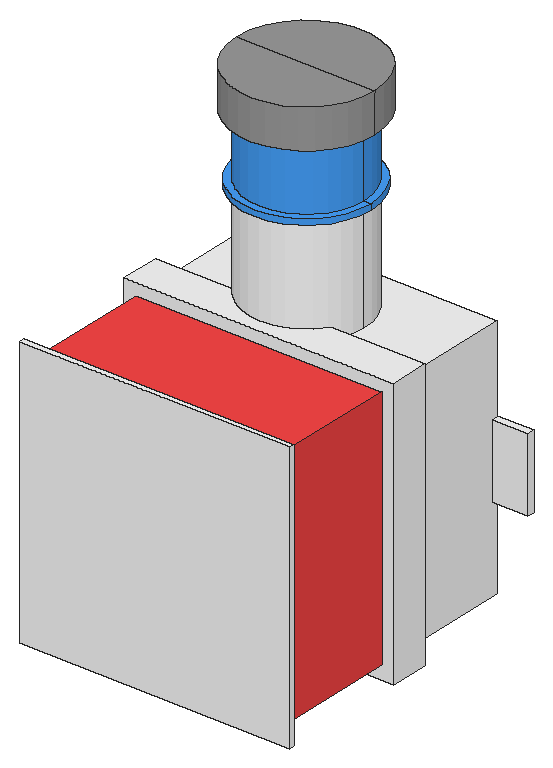
Revit family "HL_Сифон с уплотнением_HL138H", category Příslušenství trubek, Revit 2016
Family settings
  Typ součásti = Normální
  Kóta kulaté spojky = Použít průměr
  Číslo OmniClass = 23.60.30.00
  Nadpis OmniClass = General Pipework and Ductwork Products
  Založené na pracovní rovině = Ne
  Vždy vertikální = Ano
  Ořezat dutým tvarem při načtení = Ne
  Sdílené = Ne
Parameters (values of type "HL_Сифон с уплотнением_HL138H")
  РАЗМЕР = "DN32"
  ПРОПУСКНАЯ СПОСОБНОСТЬ = 0.0 m³/h
  ПРОИЗВОДИТЕЛЬНОСТЬ = "0,02 l/s"
  ПРИЁМНОЕ ОТВЕРСТИЕ = "Ø 20 - 32 mm"
  ПРАВОВАЯ ИНФОРМАЦИЯ = "\"Авторские права(©), права на дизайн или какие либо другие права интелектуальной собственности являются исключительной собственностью компании HL Hutterer & Lechner. Изменению не подлежит. Файл семейства с данными о прозводителе изделия защищен паролем с водяным знаком.\""
  НОМИНАЛЬНЫЙ ДИАМЕТР 2 = 32 mm
  НОМИНАЛЬНЫЙ ДИАМЕТР [instance] = if(Входной, 20 mm, 32 mm)  # 32 mm
  МАТЕРИАЛ = "PP"
  ВЫСОТА МОНТАЖА = "60 - 110 mm"
  ВЕС = "0,3 kg"
  x [instance] = if(Высота монтажа > 110 mm, -10 mm, if(Высота монтажа < 60 mm, -10 mm, Высота монтажа - 59 mm))  # 51 mm
  a [instance] = if(Входной, 128.2 mm, 114 mm)  # 114 mm
  Výrobce = "HL Hutterer & Lechner GmbH"
  URL = "http://www.hutterer-lechner.com/ru/products/catalog/roof-drains/HL138H.aspx"
  Popis = "Кондиционирование и Вентиляция"
  Высота монтажа [instance] = 110 mm
  Входной [instance] = no
  материал 4 = Plactic - Black
  Model = "HL138H"
  материал 3 = Plastic - Red
  материал 2 = Plastic - Blue
  материал = Plactic - White
  Komentáře k typům = "Встроенный сифон для кондиционеров соответствующий гигиеническим требованиям как при разрыве струи, DN32 — 100х100 мм"
  EAN = "9003076000166"
  Cena = 0
Reference planes
  plane 1 "Střed (vpředu/vzadu)": y = 0
  plane 2: z = 0
  plane 3 "Střed (vlevo/vpravo)": x = 0
  plane 4: y = -5
Forms (mm)
  Extrusion 1, solid, material "Plactic - White" <- "материал", detail levels fine
    sketch origin (0, 0, 0) x (1, 0, 0) y (0, 0, 1)
      loop
        line (-46.004, 49.936) -> (-46.004, -49.921) -> (53.868, -49.921) -> (53.868, 49.936) -> (-46.004, 49.936)
    from -25.067 to 18
  Extrusion 2, solid, material "Plactic - White" <- "материал", detail levels fine
    sketch origin (0, -18, 0) x (1, 0, 0) y (0, 0, 1)
      loop
        line (-51, 54.779) -> (-51, -55.221) -> (59, -55.221) -> (59, 54.779) -> (-51, 54.779)
    from 0 to 15.934
  Extrusion 3, solid, material "Plastic - Red" <- "материал 3", detail levels fine
    sketch origin (0, -33.934, 0) x (1, 0, 0) y (0, 0, 1)
      loop
        line (53.868, 49.936) -> (-46.004, 49.936) -> (-46.004, -49.921) -> (53.868, -49.921) -> (53.868, 49.936)
    from 0 to 51 <- "x"
  Extrusion 4, solid, material "Plactic - White" <- "материал", detail levels fine
    sketch origin (0, -84.934, 0) x (1, 0, 0) y (0, 0, 1)
      loop
        line (59, 54.779) -> (-51, 54.779) -> (-51, -55.221) -> (59, -55.221) -> (59, 54.779)
    from 0 to 2
  Extrusion 5, solid, material "Plactic - White" <- "материал", detail levels fine
    sketch origin (0, 0, 0) x (1, 0, 0) y (0, 0, 1)
      loop
        line (53.868, -14.942) -> (68.617, -14.942) -> (68.617, 15.2) -> (53.868, 15.2) -> (53.868, -14.942)
    from -25.067 to -22.118
  Extrusion 6, solid, material "Plactic - White" <- "материал", detail levels fine
    sketch origin (-114.622, 0, 0) x (1, 0, 0) y (0, 0, 1)
      loop
        line (53.868, -14.942) -> (68.617, -14.942) -> (68.617, 15.2) -> (53.868, 15.2) -> (53.868, -14.942)
    from -25.067 to -22.118
  Revolve 7, solid, material "Plactic - Black" <- "материал 4", detail levels fine
    sketch origin (0, -5, 41.896) x (1, 0, 0) y (0, 0, 1)
      loop
        line (0, 96.279) -> (0, 80.279) -> (28.2, 80.279) -> (28.2, 96.279) -> (0, 96.279)
      axis (0, 80.279) -> (0, 96.279)
    angle from 0 to 360
  Revolve 8, solid, material "Plactic - White" <- "материал", detail levels fine
    sketch origin (0, 0, 0) x (1, 0, 0) y (0, 0, 1)
      loop
        line (-22.019, -96.826) -> (-5.909, -96.826) -> (-5.909, -49.921) -> (-22.019, -49.921) -> (-22.019, -96.826)
      axis (-22.019, -49.921) -> (-22.019, -96.826)
    angle from 0 to 360
  Revolve 9, solid, material "Plastic - Blue" <- "материал 2", detail levels fine
    sketch origin (0, -5, 41.896) x (1, 0, 0) y (0, 0, 1)
      loop
        line (0, 80.279) -> (0, 52.216) -> (26.608, 52.216) -> (26.608, 54.585) -> (23.698, 54.585) -> (23.698, 80.279) -> (0, 80.279)
      axis (0, 52.216) -> (0, 80.279)
    angle from 0 to 360
  Revolve 10, solid, material "Plactic - White" <- "материал", detail levels fine
    sketch origin (0, -5, 41.896) x (1, 0, 0) y (0, 0, 1)
      loop
        line (0, 8.041) -> (23.698, 8.041) -> (23.698, 52.216) -> (0, 52.216) -> (0, 8.041)
      axis (0, 8.041) -> (0, 52.216)
    angle from 0 to 360
Lines and regions (mm)
  model lines, detail levels coarse+medium
    curve 1: line (0, 0, 41.279) -> (35, 0, 41.279)
    curve 2: line (35, 0, 41.279) -> (35, 0, -28.721)
    curve 3: line (35, 0, -28.721) -> (-5, 0, -28.721)
    curve 4: line (-5, 0, -28.721) -> (-5, 0, 21.279)
    curve 5: line (-5, 0, 21.279) -> (-22.019, 0, 21.279)
    curve 6: line (-22.019, 0, -96.826) -> (-22.019, 0, 21.279)
    curve 7: line (0, -5, 127.738) -> (0, 0, 41.279)
  reference lines
    curve 8: line (-22.019, 0, 0) -> (-22.019, 0, -96.826)
    curve 9: line (0, -5, 0) -> (0, -5, 114)
  symbolic lines, detail levels coarse+medium
    curve 10: line (-46.004, 25.067, 0) -> (53.868, 25.067, 0)
    curve 11: line (-46.004, -84.934, 0) -> (-46.004, 25.067, 0)
    curve 12: line (53.868, -84.934, 0) -> (-46.004, -84.934, 0)
    curve 13: line (53.868, 25.067, 0) -> (53.868, -84.934, 0)
Dimensions and locks
  "a": curve 9 to plane 2
  "x": Extrusion 4 to Extrusion 2
  aligned and locked: level to plane 2
  aligned and locked: Extrusion 4 to curve 12
Automatic sketch dimensions
  curve 1 to plane 3 "Střed (vlevo/vpravo)" = 0 mm
  curve 4 to plane 3 "Střed (vlevo/vpravo)" = 5 mm
  curve 6 to curve 4 = 17.019 mm
  plane 3 "Střed (vlevo/vpravo)" to curve 2 = 35 mm
  curve 3 to level = 28.721 mm
  level to curve 5 = 21.279 mm
  level to curve 1 = 41.279 mm
  curve 6 to curve 3 = 68.104 mm
  curve 8 to level = 0 mm
  curve 8 to plane 3 "Střed (vlevo/vpravo)" = 22.019 mm
  curve 8 to level = 96.826 mm
  Extrusion 1 sketch curve to plane 3 "Střed (vlevo/vpravo)" = 46.004 mm
  plane 3 "Střed (vlevo/vpravo)" to Extrusion 1 sketch curve = 53.868 mm
  Extrusion 1 sketch curve to level = 49.921 mm
  level to Extrusion 1 sketch curve = 49.936 mm
  Extrusion 1 to Extrusion 2 sketch curve = 4.996 mm
  Extrusion 1 to Extrusion 2 sketch curve = 5.132 mm
  Extrusion 1 to Extrusion 2 sketch curve = 5.3 mm
  Extrusion 1 to Extrusion 2 sketch curve = 4.843 mm
  Extrusion 3 sketch curve to Extrusion 2 = 4.996 mm
  Extrusion 3 sketch curve to Extrusion 2 = 5.132 mm
  Extrusion 3 sketch curve to Extrusion 2 = 5.3 mm
  Extrusion 3 sketch curve to Extrusion 2 = 4.843 mm
  Extrusion 3 to Extrusion 4 sketch curve = 4.996 mm
  Extrusion 3 to Extrusion 4 sketch curve = 5.132 mm
  Extrusion 3 to Extrusion 4 sketch curve = 5.3 mm
  Extrusion 3 to Extrusion 4 sketch curve = 4.843 mm
  level to Extrusion 5 sketch curve = 15.2 mm
  plane 3 "Střed (vlevo/vpravo)" to Extrusion 5 sketch curve = 53.868 mm
  Extrusion 5 sketch curve to Extrusion 5 sketch curve = 14.749 mm
  Extrusion 5 sketch curve to level = 14.942 mm
  level to Extrusion 6 sketch curve = 15.2 mm
  Extrusion 6 sketch curve to plane 3 "Střed (vlevo/vpravo)" = 60.753 mm
  Extrusion 6 sketch curve to Extrusion 6 sketch curve = 14.749 mm
  Extrusion 6 sketch curve to level = 14.942 mm
  Revolve 7 sketch curve to plane 3 "Střed (vlevo/vpravo)" = 0 mm  (x2)
  plane 3 "Střed (vlevo/vpravo)" to Revolve 7 sketch curve = 28.2 mm
  level to Revolve 7 sketch curve = 122.175 mm
  Revolve 7 sketch curve to Revolve 7 sketch curve = 16 mm
  Revolve 7 sketch curve to Revolve 7 sketch curve = 0 mm
  Revolve 7 sketch curve to Revolve 7 sketch curve = 38.432 mm
  Revolve 8 sketch curve to plane 3 "Střed (vlevo/vpravo)" = 22.019 mm
  Revolve 8 sketch curve to plane 3 "Střed (vlevo/vpravo)" = 5.909 mm
  Revolve 8 sketch curve to level = 96.826 mm
  Revolve 8 sketch curve to Revolve 8 sketch curve = 46.905 mm
  Revolve 8 sketch curve to Revolve 8 sketch curve = 0 mm  (x2)
  Revolve 8 sketch curve to Revolve 8 sketch curve = 25 mm
  Revolve 9 sketch curve to plane 3 "Střed (vlevo/vpravo)" = 0 mm  (x2)
  plane 3 "Střed (vlevo/vpravo)" to Revolve 9 sketch curve = 23.698 mm
  Revolve 9 sketch curve to Revolve 9 sketch curve = 2.91 mm
  level to Revolve 9 sketch curve = 94.112 mm
  Revolve 9 sketch curve to Revolve 9 sketch curve = 2.368 mm
  Revolve 9 sketch curve to Revolve 9 sketch curve = 28.063 mm
  Revolve 9 sketch curve to Revolve 9 sketch curve = 16 mm
  Revolve 9 sketch curve to Revolve 9 sketch curve = 38.432 mm
  Revolve 10 sketch curve to plane 3 "Střed (vlevo/vpravo)" = 0 mm  (x2)
  plane 3 "Střed (vlevo/vpravo)" to Revolve 10 sketch curve = 23.698 mm
  level to Revolve 10 sketch curve = 49.936 mm
  Revolve 10 sketch curve to Revolve 10 sketch curve = 44.176 mm
  Revolve 10 sketch curve to Revolve 10 sketch curve = 44.063 mm
  Revolve 10 sketch curve to Revolve 10 sketch curve = 38.432 mm
  curve 7 to plane 4 = 0 mm
  curve 7 to plane 1 "Střed (vpředu/vzadu)" = 0 mm
  level to curve 7 = 41.279 mm
  curve 7 to curve 7 = 86.459 mm
  curve 12 to plane 3 "Střed (vlevo/vpravo)" = 46.004 mm
  plane 3 "Střed (vlevo/vpravo)" to curve 12 = 53.868 mm
  curve 11 to plane 1 "Střed (vpředu/vzadu)" = 25.067 mm
  curve 9 to plane 3 "Střed (vlevo/vpravo)" = 0 mm
  curve 9 to level = 0 mm
Connectors
  piping at (0, -5, 114), diameter 32, driven by "НОМИНАЛЬНЫЙ ДИАМЕТР", driven by "ПРОПУСКНАЯ СПОСОБНОСТЬ"
    settings: on curve 9, index 1, connector inside diameter 609.6 mm, connector length 0 mm, flow factor 0, pipe flow 0.0 m³/h, pressure drop 0.0 Pa, fitting loss kfactor 0, connector angle 0.00°, fixture units 0, engagement length 0 mm, angle of deflection 0.00°, flow configuration 0, flow direction 1, fitting loss method 0, system type 16, joint type 0, gender type 0, connector reference index 2, connector utility 0, adjustable connector yes, is connector primary yes, connector description ""
  piping at (-22.019, 0, -96.826), diameter 32, driven by "НОМИНАЛЬНЫЙ ДИАМЕТР 2", driven by "ПРОПУСКНАЯ СПОСОБНОСТЬ"
    settings: on curve 8, index 2, connector inside diameter 609.6 mm, connector length 0 mm, flow factor 0, pipe flow 0.0 m³/h, pressure drop 0.0 Pa, fitting loss kfactor 0, connector angle 0.00°, fixture units 0, engagement length 0 mm, angle of deflection 0.00°, flow configuration 0, flow direction 2, fitting loss method 4, system type 16, joint type 0, gender type 0, connector reference index 1, connector utility 0, adjustable connector yes, is connector primary no, connector description ""
